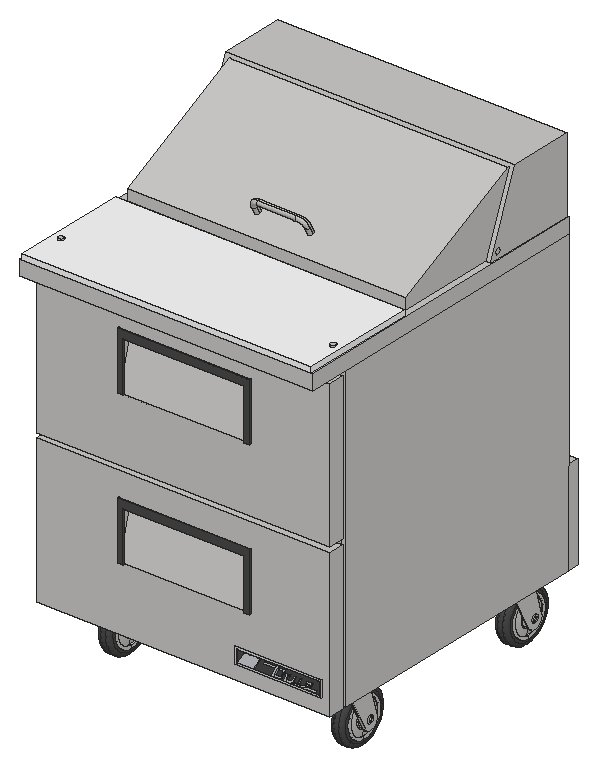
Revit family "QF_TRUE_TSSU-27-08D-2-HC", category Specialty Equipment, Revit 2016
Family settings
  Part Type = Normal
  Round Connector Dimension = Use Diameter
  Work Plane-Based = No
  Always vertical = Yes
  Cut with Voids When Loaded = No
  Shared = Yes
  Room Calculation Point = No
Parameters
  Weight in Pounds = 225
  Watts = FL Amps * Volts  # 402.5 W
  Volts = 115 V
  URL Cutsheet = "www.truemfg.com"
  URL = "www.truemfg.com"
  Type Mark [instance] = ""
  Status [instance] = ""
  Specification by User [instance] = ""
  Specification by Manufacturer = ""
  Show Logo [instance] = yes
  Show Standard Height Model [instance] = yes
  Show Clearance [instance] = yes
  Show Default Casters [instance] = not(Show Standard Height Model)  # no
  Serial Number = ""
  Seismic Rating = ""
  SMACNA No = ""
  Revision Code [instance] = ""
  Phase = 1
  Omniclass Number and Title = ""
  Number of Poles [instance] = 1
  NAFEM Spec ID Number = ""
  Model = "TSSU-27-08D-2-HC"
  Min Ckt Ampacity = 0 A
  Max Overcurrent Protection = 0 A
  MasterSpec. = ""
  Manufacturer = "TRUE"
  Standard Height Caster [instance] = and(Show Standard Height Model, not(Show Default Casters))  # yes
  Length = 27 9/16"
  Item Number [instance] = ""
  Installed By [instance] = ""
  Identify Quantity as Lot [instance] = yes
  Height = 42 15/16"
  HP = "1/5"
  Furnished By [instance] = ""
  Foodservice Equipment Identifier [instance] = yes
  FL Amps = 3.5 A
  Electrical Remarks = ""
  Electric Connection Type [instance] = ""
  Elec Conn RI Height [instance] = 0"
  Elec Conn Connection Height [instance] = 0"
  Description = "DRAWERED SANDWICH/SALAD UNIT WITH HYDROCARBON REFRIGERANT"
  Depth = 31 1/16"
  Cycle = 60 Hz
  Conn Plug = "NEMA 5-15P"
  Conn Conduit = yes
  CSI MasterFormat = ""
  CSI Master Format = ""
  Base Height [instance] = if(Standard Height Caster, 6 3/16", 3 15/16")  # 6 3/16"
  Apparent Power = if(Phase = 3, Volts * FL Amps * 1.73, Volts * FL Amps)  # 402.5 VA
Reference planes (in)
  plane 1 "BACK": y = -16.5
  plane 2: z = 0
  plane 3 "LEFT": x = 0
  plane 4 "RIGHT": x = 27.5625
  plane 5 "FRONT": y = -47.5625
  plane 6 "TOP": z = 42.9375
  plane 7: z = 6.1875
  plane 8: z = 46.6875
Lines and regions (in)
  symbolic lines, style "SpecialityEquipmentHiddenLines", visible <- "Show Default Casters"
    curve 1: line (1.05276, -22.68104, 0) -> (2.13882, -23.30808, 0)
    curve 2: line (3.55276, -18.35092, 0) -> (1.05276, -22.68104, 0)
    curve 3: line (4.63882, -18.97795, 0) -> (3.55276, -18.35092, 0)
    curve 4: line (2.13882, -23.30808, 0) -> (4.63882, -18.97795, 0)
    curve 5: line (22.92776, -22.68104, 0) -> (24.01382, -23.30808, 0)
    curve 6: line (25.42776, -18.35092, 0) -> (22.92776, -22.68104, 0)
    curve 7: line (26.51382, -18.97795, 0) -> (25.42776, -18.35092, 0)
    curve 8: line (24.01382, -23.30808, 0) -> (26.51382, -18.97795, 0)
    curve 9: line (1.05276, -42.04409, 0) -> (2.13882, -42.67113, 0)
    curve 10: line (3.55276, -37.71397, 0) -> (1.05276, -42.04409, 0)
    curve 11: line (4.63882, -38.34101, 0) -> (3.55276, -37.71397, 0)
    curve 12: line (2.13882, -42.67113, 0) -> (4.63882, -38.34101, 0)
    curve 13: line (22.92776, -42.04409, 0) -> (24.01382, -42.67113, 0)
    curve 14: line (25.42776, -37.71397, 0) -> (22.92776, -42.04409, 0)
    curve 15: line (26.51382, -38.34101, 0) -> (25.42776, -37.71397, 0)
    curve 16: line (24.01382, -42.67113, 0) -> (26.51382, -38.34101, 0)
Dimensions and locks (in)
  "Length": plane 3 "LEFT" to plane 4 "RIGHT"
  plane 4 "RIGHT" to plane 3 "LEFT" = 27 9/16"
  plane 5 "FRONT" to plane 1 "BACK" = 31 1/16"
  "Depth": plane 5 "FRONT" to plane 1 "BACK"
  "Base Height": plane 7 to level
  nested 1 to level = 35 15/16"
  nested 1 to nested 1 to plane 7 = 7", 29 3/4"
  nested 1 to plane 7 = 36 3/4"
  "Height": plane 6 "TOP" to level
  plane 8 to level = 46 11/16"
  plane 4 "RIGHT" to nested 1 to nested 1 = 7 5/16", 12 5/8"
  aligned and locked: level to plane 2
  aligned and locked: plane 3 "LEFT" to nested 1
  aligned and locked: plane 7 to nested 1
  aligned and locked: plane 5 "FRONT" to nested 1
Automatic sketch dimensions
  plane 3 "LEFT" to curve 1 = 1.05276"
  plane 3 "LEFT" to curve 10 = 1.05276"
  curve 1 to curve 1 = 1.08606"
  curve 9 to curve 9 = 1.08606"
  plane 3 "LEFT" to curve 3 = 3.55276"
  plane 3 "LEFT" to curve 10 = 3.55276"
  curve 13 to plane 4 "RIGHT" = 4.63474"
  curve 5 to plane 4 "RIGHT" = 4.63474"
  curve 13 to curve 13 = 1.08606"
  curve 5 to curve 8 = 1.08606"
  curve 7 to plane 4 "RIGHT" = 2.13474"
  curve 14 to plane 4 "RIGHT" = 2.13474"
  curve 16 to plane 5 "FRONT" = 4.89137"
  curve 12 to plane 5 "FRONT" = 4.89137"
  curve 13 to curve 13 = 0.62704"
  curve 9 to curve 10 = 0.62704"
  plane 1 "BACK" to curve 4 = 6.80808"
  plane 1 "BACK" to curve 8 = 6.80808"
  curve 5 to curve 6 = 0.62704"
  curve 1 to curve 1 = 0.62704"
Nested families (in)
  nested 1: "TSSU-27-08D-2-HC" at (0, 0, 0), Show Logo <- "Show Logo", Show Clearance <- "Show Clearance", Show Casters <- "Show Default Casters", type "TSSU-27-08D-2-HC"
    with Show Logo yes, Show Clearance yes, Show Casters no
  nested 2: "TRUE_CASTERS" at (2.88882, -20.75, 0), Show Casters <- "Standard Height Caster", type "TRUE_CASTERS"
    with Type Mark "", Status "", Specification by User "", Show Casters yes, Revision Code "", Item Number "", Installed By "", Identify Quantity as Lot yes, Furnished By "", Foodservice Equipment Identifier yes
  nested 3: "TRUE_CASTERS" at (24.76382, -20.75, 0), Show Casters <- "Standard Height Caster", type "TRUE_CASTERS"
    with Type Mark "", Status "", Specification by User "", Show Casters yes, Revision Code "", Item Number "", Installed By "", Identify Quantity as Lot yes, Furnished By "", Foodservice Equipment Identifier yes
  nested 4: "TRUE_CASTERS" at (2.88882, -40.08307, 0), Show Casters <- "Standard Height Caster", type "TRUE_CASTERS"
    with Type Mark "", Status "", Specification by User "", Show Casters yes, Revision Code "", Item Number "", Installed By "", Identify Quantity as Lot yes, Furnished By "", Foodservice Equipment Identifier yes
  nested 5: "TRUE_CASTERS" at (24.76382, -40.08307, 0), Show Casters <- "Standard Height Caster", type "TRUE_CASTERS"
    with Type Mark "", Status "", Specification by User "", Show Casters yes, Revision Code "", Item Number "", Installed By "", Identify Quantity as Lot yes, Furnished By "", Foodservice Equipment Identifier yes
Connectors (in)
  electrical at (24.12821, -16.5, 12), driven by "Volts", driven by "Apparent Power"
    settings: on nested 1, index 1, voltage 115 V, apparent load 402.5 VA, apparent load phase1 0 VA, apparent load phase2 0 VA, apparent load phase3 0 VA, power factor 1, load classification "Other", number of poles 1, system type 30, power factor state 1, is connector primary yes, connector utility no, sub classification motor no, connector description "ELECTRICAL CONNECTION"
Definition of nested family "TSSU-27-08D-2-HC"
  Parameters (values of type "TSSU-27-08D-2-ADA-HC")
    URL = ""
    Show Logo [instance] = yes
    Show Clearance [instance] = yes
    Show Casters [instance] = yes
    Model = ""
    Manufacturer = ""
    Description = ""
    Assembly Code = ""
  Reference planes (in)
    plane 1 "BACK": y = -16.5
    plane 2: z = 0
    plane 3 "LEFT": x = 0
    plane 4 "RIGHT": x = 27.5625
    plane 5 "FRONT": y = -47.5625
    plane 6 "TOP": z = 42.9375
    plane 7: z = 6.1875
    plane 8: z = 35.9375
    plane 9: z = 46.6875
    plane 10: y = -63.4375
  Forms (in)
    Extrusion 1, solid
      sketch origin (0.125, -1, 0) x (0, 1, 0) y (0, 0, 1)
        loop
          line (-16.5, 35.9375) -> (-16.5, 42.9375) -> (-22.625, 42.9375) -> (-25.47721, 35.9375) -> (-16.5, 35.9375)
      from 0.0625 to 27.25
    Extrusion 2, solid
      sketch origin (0, 0.75, 0.19246) x (0, 1, 0) y (0, 0, 1)
        loop
          line (-27.22721, 35.74504) -> (-24.49688, 42.44592) -> (-36.5625, 36.73418) -> (-36.5625, 35.74504) -> (-27.22721, 35.74504)
      from 0.6875 to 26.875
    Extrusion 3, solid
      sketch origin (0, -1, 0) x (0, 1, 0) y (0, 0, 1)
        loop
          line (-46.5625, 35.9375) -> (-46.5625, 34.5) -> (-16.5, 34.5) -> (-16.5, 35.9375) -> (-46.5625, 35.9375)
      from 0 to 27.5625
    Extrusion 4, solid
      sketch origin (0, -1, 0) x (0, 1, 0) y (0, 0, 1)
        loop
          line (-42.75, 34.5) -> (-42.75, 6.1875) -> (-16.5, 6.1875) -> (-16.5, 34.5) -> (-42.75, 34.5)
      from 0 to 27.5625
    Extrusion 5, solid
      sketch origin (0, -12.63, 0) x (1, 0, 0) y (0, 0, 1)
        loop
          line (27.5625, 6.1875) -> (27.5625, 19.98537) -> (0, 19.98537) -> (0, 6.1875) -> (27.5625, 6.1875)
        loop
          line (27.5625, 34.28323) -> (0, 34.28323) -> (0, 20.48537) -> (27.5625, 20.48537) -> (27.5625, 34.28323)
        loop
          line (7.75, 26.5625) -> (20.125, 26.5625) -> (20.125, 32.0625) -> (7.75, 32.0625) -> (7.75, 26.5625)
        loop
          line (7.75, 12.26463) -> (20.125, 12.26463) -> (20.125, 17.76463) -> (7.75, 17.76463) -> (7.75, 12.26463)
      from 31.44201 to 33
    Extrusion 6, solid
      sketch origin (0, 3.62, 0) x (0, 1, 0) y (0, 0, 1)
        loop
          line (-47.69201, 33.8406) -> (-47.69201, 6.82675) -> (-47.37, 6.82675) -> (-47.37, 33.8406) -> (-47.69201, 33.8406)
      from 0.5 to 27.0625
    Extrusion 7, solid
      sketch origin (0, 3.87, 0) x (0, 1, 0) y (0, 0, 1)
        loop
          line (-47.94201, 32.0625) -> (-49.5, 26.5625) -> (-47.94201, 26.5625) -> (-47.94201, 32.0625)
        loop
          line (-47.94201, 17.76463) -> (-49.5, 12.26463) -> (-47.94201, 12.26463) -> (-47.94201, 17.76463)
      from 7.75 to 20.125
    Extrusion 8, solid
      sketch origin (0, -45.63, 0) x (1, 0, 0) y (0, 0, 1)
        loop
          line (20.125, 32.0625) -> (7.75, 32.0625) -> (7.75, 26.5625) -> (8.25, 26.5625) -> (8.25, 31.3125) -> (19.625, 31.3125) -> (19.625, 26.5625) -> (20.125, 26.5625) -> (20.125, 32.0625)
        loop
          line (20.125, 17.76463) -> (7.75, 17.76463) -> (7.75, 12.26463) -> (8.25, 12.26463) -> (8.25, 17.01463) -> (19.625, 17.01463) -> (19.625, 12.26463) -> (20.125, 12.26463) -> (20.125, 17.76463)
      from 0 to 0.125
    Extrusion 9, solid
      sketch origin (0, 3.53125, -0.0625) x (0, 1, 0) y (0, 0, 1)
        loop
          line (-51.09375, 36.5) -> (-51.09375, 36) -> (-40.09375, 36) -> (-40.09375, 36.5) -> (-51.09375, 36.5)
      from 0.1875 to 27.375
    Sweep 10, solid
      path origin (-2.36051, -16.90311, 5.99517) x (1, 0, 0) y (0, -0.468684, 0.883366)
        loop
          line (18.42574, 36.0969) -> (18.42574, 36.8469)
          arc (18.42574, 36.8469) -> (18.29892, 37.15309) -> (17.99273, 37.27992) r 0.43301
          line (17.99273, 37.27992) -> (14.37051, 37.27992)
          arc (14.37051, 37.27992) -> (14.06433, 37.15309) -> (13.9375, 36.8469) r 0.43301
          line (13.9375, 36.8469) -> (13.9375, 36.0969)
      profile origin (11.57699, -33.99691, 38.21321) x (1, 0, 0) y (0, -0.883366, -0.468684)
        loop
          circle (-0.25, 0) r 0.25
    Extrusion 11, solid
      sketch origin (0, 3.53125, 36.4375) x (1, 0, 0) y (0, 1, 0)
        loop
          circle (1, -47.5255) r 0.25
        loop
          circle (26.5625, -47.5255) r 0.25
      from 0 to 0.0625
    Extrusion 12, solid
      sketch origin (0, -16.5, 0) x (1, 0, 0) y (0, 0, 1)
        loop
          line (7.625, 6.1875) -> (7.625, 3.875) -> (20.25, 3.875) -> (20.25, 6.1875) -> (7.625, 6.1875)
      from 1.69409 to 21.69409
    Extrusion 13, solid
      sketch origin (0.125, 0.03571, -0.38064) x (0, 1, 0) y (0, 0, 1)
        loop
          line (-25.50049, 37.00145) -> (-25.62469, 37.21657) -> (-25.87491, 37.21657) -> (-25.99919, 37.00131) -> (-25.87265, 36.78214) -> (-25.62711, 36.78214) -> (-25.50049, 37.00145)
      from 0 to 0.0625
    Extrusion 14, solid
      sketch origin (27.4375, 0.03571, -0.38064) x (0, 1, 0) y (0, 0, -1)
        loop
          line (-25.50049, -37.00145) -> (-25.62711, -36.78214) -> (-25.87265, -36.78214) -> (-25.99919, -37.00131) -> (-25.87491, -37.21657) -> (-25.62469, -37.21657) -> (-25.50049, -37.00145)
      from 0 to 0.0625
    Extrusion 15, solid
      sketch origin (-1.11296, -16.5, -9.83802) x (1, 0, 0) y (0, 0, 1)
        loop
          circle (22.96499, 40.7598) r 0.46875
      from 0 to 1
    Extrusion 16, solid
      sketch origin (28.67546, -16.5, -9.83802) x (-1, 0, 0) y (0, 0, -1)
        loop
          circle (22.96499, -40.7598) r 0.46875
      from 0 to 1
    Extrusion 17, solid
      sketch origin (27.5625, -16.5, 6.1875) x (0, 0, 1) y (1, 0, 0)
        loop
          circle (5.8125, -3.43429) r 0.25
      from 0 to 0.0625
    Extrusion 18, solid, visible <- "Show Casters"
      sketch origin (26.71875, -38.80219, 3.43891) x (0, 1, 0) y (0, 0, -1)
        loop
          line (-3.9827, -2.11074) -> (-0.54355, -2.11074) -> (-0.40562, -0.59493)
          arc (-0.40562, -0.59493) -> (-0.89059, 0.21892) -> (-1.83792, 0.20773) r 0.94903
          line (-1.83792, 0.20773) -> (-3.55154, -1.50589) -> (-3.9827, -1.50589) -> (-3.9827, -2.11074)
      from 1.175 to 1.325
    Revolve 19, solid, visible <- "Show Casters"
      sketch origin (26.71875, -41.06531, 2.93891) x (-1, 0, 0) y (0, 0, -1)
        loop
          line (2, -2.61074) -> (0.60918, -2.61074) -> (0.60918, -3.24859) -> (2, -3.24859) -> (2, -2.61074)
        axis (2, -2.61074) -> (2, -3.24859)
      angle from 0 to 360
    Extrusion 20, solid, visible <- "Show Casters"
      sketch origin (74.5, -38.80219, 3.43891) x (0, 1, 0) y (0, 0, -1)
        loop
          line (-3.9827, -2.11074) -> (-0.54355, -2.11074) -> (-0.53736, -1.88288) -> (-3.6077, -1.50589) -> (-3.9827, -1.50589) -> (-3.9827, -2.11074)
      from 49.10625 to 50.45625
    Revolve 21, solid, visible <- "Show Casters"
      sketch origin (26.71875, -40.15399, 4.5) x (-1, 0, 0) y (0, 0, -1)
        loop
          line (1.475, -0.75) -> (2.525, -0.75) -> (2.62908, -0.64592) -> (2.62908, -0.04941) -> (2.46399, -0.04941) -> (2.46399, 0.57559) -> (3.025, 0.57559) -> (3.025, 0.75) -> (0.975, 0.75) -> (0.975, 0.57559) -> (1.53601, 0.57559) -> (1.53601, -0.04941) -> (1.375, -0.04941) -> (1.375, -0.65) -> (1.475, -0.75)
        axis (3.025, 0.75) -> (0.975, 0.75)
      angle from 0 to 360
    Extrusion 22, solid, visible <- "Show Casters"
      sketch origin (22.71875, -38.80219, 3.43891) x (0, 1, 0) y (0, 0, 1)
        loop
          line (-3.9827, 1.50589) -> (-3.55154, 1.50589) -> (-1.83792, -0.20773)
          arc (-1.83792, -0.20773) -> (-0.89059, -0.21892) -> (-0.40562, 0.59493) r 0.94903
          line (-0.40562, 0.59493) -> (-0.54355, 2.11074) -> (-3.9827, 2.11074) -> (-3.9827, 1.50589)
      from 1.175 to 1.325
    Revolve 23, solid, visible <- "Show Casters"
      sketch origin (26.71875, -21.74082, 2.93891) x (-1, 0, 0) y (0, 0, -1)
        loop
          line (2, -2.61074) -> (0.60918, -2.61074) -> (0.60918, -3.24859) -> (2, -3.24859) -> (2, -2.61074)
        axis (2, -2.61074) -> (2, -3.24859)
      angle from 0 to 360
    Extrusion 24, solid, visible <- "Show Casters"
      sketch origin (74.5, -19.47769, 3.43891) x (0, 1, 0) y (0, 0, -1)
        loop
          line (-3.9827, -2.11074) -> (-0.54355, -2.11074) -> (-0.53736, -1.88288) -> (-3.6077, -1.50589) -> (-3.9827, -1.50589) -> (-3.9827, -2.11074)
      from 49.10625 to 50.45625
    Revolve 25, solid, visible <- "Show Casters"
      sketch origin (26.71875, -20.8295, 4.5) x (-1, 0, 0) y (0, 0, -1)
        loop
          line (1.475, -0.75) -> (2.525, -0.75) -> (2.62908, -0.64592) -> (2.62908, -0.04941) -> (2.46399, -0.04941) -> (2.46399, 0.57559) -> (3.025, 0.57559) -> (3.025, 0.75) -> (0.975, 0.75) -> (0.975, 0.57559) -> (1.53601, 0.57559) -> (1.53601, -0.04941) -> (1.375, -0.04941) -> (1.375, -0.65) -> (1.475, -0.75)
        axis (3.025, 0.75) -> (0.975, 0.75)
      angle from 0 to 360
    Extrusion 26, solid, visible <- "Show Casters"
      sketch origin (0.84375, -38.80219, 3.43891) x (0, 1, 0) y (0, 0, 1)
        loop
          line (-3.9827, 2.11074) -> (-3.9827, 1.50589) -> (-3.55154, 1.50589) -> (-1.83792, -0.20773)
          arc (-1.83792, -0.20773) -> (-0.89059, -0.21892) -> (-0.40562, 0.59493) r 0.94903
          line (-0.40562, 0.59493) -> (-0.54355, 2.11074) -> (-3.9827, 2.11074)
      from 1.175 to 1.325
    Revolve 27, solid, visible <- "Show Casters"
      sketch origin (0.84375, -41.06531, 2.93891) x (1, 0, 0) y (0, 0, 1)
        loop
          line (2, 2.61074) -> (2, 3.24859) -> (0.60918, 3.24859) -> (0.60918, 2.61074) -> (2, 2.61074)
        axis (2, 2.61074) -> (2, 3.24859)
      angle from 0 to 360
    Extrusion 28, solid, visible <- "Show Casters"
      sketch origin (-46.9375, -38.80219, 3.43891) x (0, 1, 0) y (0, 0, 1)
        loop
          line (-3.9827, 2.11074) -> (-3.9827, 1.50589) -> (-3.6077, 1.50589) -> (-0.53736, 1.88288) -> (-0.54355, 2.11074) -> (-3.9827, 2.11074)
      from 49.10625 to 50.45625
    Revolve 29, solid, visible <- "Show Casters"
      sketch origin (0.84375, -40.15399, 4.5) x (1, 0, 0) y (0, 0, 1)
        loop
          line (1.475, 0.75) -> (1.375, 0.65) -> (1.375, 0.04941) -> (1.53601, 0.04941) -> (1.53601, -0.57559) -> (0.975, -0.57559) -> (0.975, -0.75) -> (3.025, -0.75) -> (3.025, -0.57559) -> (2.46399, -0.57559) -> (2.46399, 0.04941) -> (2.62908, 0.04941) -> (2.62908, 0.64592) -> (2.525, 0.75) -> (1.475, 0.75)
        axis (3.025, -0.75) -> (0.975, -0.75)
      angle from 0 to 360
    Extrusion 30, solid, visible <- "Show Casters"
      sketch origin (4.84375, -38.80219, 3.43891) x (0, 1, 0) y (0, 0, -1)
        loop
          line (-3.9827, -1.50589) -> (-3.9827, -2.11074) -> (-0.54355, -2.11074) -> (-0.40562, -0.59493)
          arc (-0.40562, -0.59493) -> (-0.89059, 0.21892) -> (-1.83792, 0.20773) r 0.94903
          line (-1.83792, 0.20773) -> (-3.55154, -1.50589) -> (-3.9827, -1.50589)
      from 1.175 to 1.325
    Revolve 31, solid, visible <- "Show Casters"
      sketch origin (0.84375, -21.74082, 2.93891) x (1, 0, 0) y (0, 0, 1)
        loop
          line (2, 2.61074) -> (2, 3.24859) -> (0.60918, 3.24859) -> (0.60918, 2.61074) -> (2, 2.61074)
        axis (2, 2.61074) -> (2, 3.24859)
      angle from 0 to 360
    Extrusion 32, solid, visible <- "Show Casters"
      sketch origin (-46.9375, -19.47769, 3.43891) x (0, 1, 0) y (0, 0, 1)
        loop
          line (-3.9827, 2.11074) -> (-3.9827, 1.50589) -> (-3.6077, 1.50589) -> (-0.53736, 1.88288) -> (-0.54355, 2.11074) -> (-3.9827, 2.11074)
      from 49.10625 to 50.45625
    Revolve 33, solid, visible <- "Show Casters"
      sketch origin (0.84375, -20.8295, 4.5) x (1, 0, 0) y (0, 0, 1)
        loop
          line (1.475, 0.75) -> (1.375, 0.65) -> (1.375, 0.04941) -> (1.53601, 0.04941) -> (1.53601, -0.57559) -> (0.975, -0.57559) -> (0.975, -0.75) -> (3.025, -0.75) -> (3.025, -0.57559) -> (2.46399, -0.57559) -> (2.46399, 0.04941) -> (2.62908, 0.04941) -> (2.62908, 0.64592) -> (2.525, 0.75) -> (1.475, 0.75)
        axis (3.025, -0.75) -> (0.975, -0.75)
      angle from 0 to 360
    Extrusion 34, solid, visible <- "Show Casters"
      sketch origin (26.71875, -19.47769, 3.43891) x (0, 1, 0) y (0, 0, -1)
        loop
          line (-3.9827, -2.11074) -> (-0.54355, -2.11074) -> (-0.40562, -0.59493)
          arc (-0.40562, -0.59493) -> (-0.89059, 0.21892) -> (-1.83792, 0.20773) r 0.94903
          line (-1.83792, 0.20773) -> (-3.55154, -1.50589) -> (-3.9827, -1.50589) -> (-3.9827, -2.11074)
      from 1.175 to 1.325
    Extrusion 35, solid, visible <- "Show Casters"
      sketch origin (22.71875, -19.47769, 3.43891) x (0, 1, 0) y (0, 0, 1)
        loop
          line (-3.9827, 1.50589) -> (-3.55154, 1.50589) -> (-1.83792, -0.20773)
          arc (-1.83792, -0.20773) -> (-0.89059, -0.21892) -> (-0.40562, 0.59493) r 0.94903
          line (-0.40562, 0.59493) -> (-0.54355, 2.11074) -> (-3.9827, 2.11074) -> (-3.9827, 1.50589)
      from 1.175 to 1.325
    Extrusion 36, solid, visible <- "Show Casters"
      sketch origin (0.84375, -19.47769, 3.43891) x (0, 1, 0) y (0, 0, 1)
        loop
          line (-3.9827, 2.11074) -> (-3.9827, 1.50589) -> (-3.55154, 1.50589) -> (-1.83792, -0.20773)
          arc (-1.83792, -0.20773) -> (-0.89059, -0.21892) -> (-0.40562, 0.59493) r 0.94903
          line (-0.40562, 0.59493) -> (-0.54355, 2.11074) -> (-3.9827, 2.11074)
      from 1.175 to 1.325
    Extrusion 37, solid, visible <- "Show Casters"
      sketch origin (4.84375, -19.47769, 3.43891) x (0, 1, 0) y (0, 0, -1)
        loop
          line (-3.9827, -1.50589) -> (-3.9827, -2.11074) -> (-0.54355, -2.11074) -> (-0.40562, -0.59493)
          arc (-0.40562, -0.59493) -> (-0.89059, 0.21892) -> (-1.83792, 0.20773) r 0.94903
          line (-1.83792, 0.20773) -> (-3.55154, -1.50589) -> (-3.9827, -1.50589)
      from 1.175 to 1.325
    Extrusion 38, solid, visible <- "Show Clearance", detail levels coarse
      sketch origin (31.53125, 0.75, 0.19246) x (0, 1, 0) y (0, 0, 1)
        loop
          line (-24.49688, 42.44592) -> (-29.49713, 46.49504)
          arc (-29.49713, 46.49504) -> (-34.28587, 42.5238) -> (-36.5625, 36.73418) r 12.48007
          line (-36.5625, 36.73418) -> (-24.49688, 42.44592)
      from -4.65625 to -30.84375
    Extrusion 39, solid, visible <- "Show Clearance", detail levels coarse
      sketch origin (0, -45.63, 0) x (1, 0, 0) y (0, 0, 1)
        loop
          line (0, 34.28323) -> (0, 20.48537) -> (27.5625, 20.48537) -> (27.5625, 34.28323) -> (0, 34.28323)
        loop
          line (0, 19.98537) -> (0, 6.1875) -> (27.5625, 6.1875) -> (27.5625, 19.98537) -> (0, 19.98537)
      from 0 to 17.8075
    Extrusion 40, solid
      sketch origin (27.5625, 0, 0) x (0, 1, 0) y (0, 0, 1)
        loop
          line (-17.5, 6.1875) -> (-16.5, 6.1875) -> (-16.5, 15.1875) -> (-17.5, 15.1875) -> (-17.5, 6.1875)
      from 0 to -27.5625
  Lines and regions (in)
    symbolic lines
      curve 1: line (0, -17.5, 0) -> (27.5625, -17.5, 0)
      curve 2: line (0, -47.5625, 0) -> (0, -17.5, 0)
      curve 3: line (27.5625, -47.5625, 0) -> (0, -47.5625, 0)
      curve 4: line (27.5625, -17.5, 0) -> (27.5625, -47.5625, 0)
      curve 5: line (27.375, -36.5625, 0) -> (0.1875, -36.5625, 0)
      curve 6: line (0.1875, -36.5625, 0) -> (0.1875, -47.5625, 0)
      curve 7: line (27.375, -47.5625, 0) -> (27.375, -36.5625, 0)
      curve 8: circle (26.5625, -43.99425, 0) r 0.25 normal (0, 0, 1)
      curve 9: circle (1, -43.99425, 0) r 0.25 normal (0, 0, 1)
      curve 10: line (0.6875, -23.74688, 0) -> (26.875, -23.74688, 0)
      curve 11: line (0.6875, -35.8125, 0) -> (0.6875, -23.74688, 0)
      curve 12: line (26.875, -35.8125, 0) -> (0.6875, -35.8125, 0)
      curve 13: line (26.875, -23.74688, 0) -> (26.875, -35.8125, 0)
      curve 14: line (0.1875, -23.625, 0) -> (27.375, -23.625, 0)
      curve 15: line (0.1875, -17.5, 0) -> (0.1875, -28.22721, 0)
      curve 16: line (27.375, -28.22721, 0) -> (26.875, -28.22721, 0)
      curve 17: line (0.125, -27.21478, 0) -> (0.125, -27.71347, 0)
      curve 18: line (0.125, -27.71347, 0) -> (0.1875, -27.71347, 0)
      curve 19: line (0.125, -27.21478, 0) -> (0.1875, -27.21478, 0)
      curve 20: line (0.6875, -28.22721, 0) -> (0.1875, -28.22721, 0)
      curve 21: line (27.375, -28.22721, 0) -> (27.375, -17.5, 0)
      curve 22: line (6.17922, -16.5, 0) -> (5.24172, -16.5, 0)
      curve 23: line (6.17922, -16.5, 0) -> (6.17922, -17.5, 0)
      curve 24: line (5.24172, -16.5, 0) -> (5.24172, -17.5, 0)
      curve 25: line (21.38328, -16.5, 0) -> (22.32078, -16.5, 0)
      curve 26: line (21.38328, -16.5, 0) -> (21.38328, -17.5, 0)
      curve 27: line (22.32078, -16.5, 0) -> (22.32078, -17.5, 0)
      curve 28: line (27.4375, -27.21478, 0) -> (27.4375, -27.71347, 0)
      curve 29: line (27.4375, -27.71347, 0) -> (27.375, -27.71347, 0)
      curve 30: line (27.4375, -27.21478, 0) -> (27.375, -27.21478, 0)
      curve 31: spline (11.07699, -33.92667, 0) -> (11.08551, -33.86951, 0) -> (11.11048, -33.81625, 0) -> (11.15021, -33.77051, 0) -> (11.20199, -33.73542, 0) -> (11.26229, -33.71336, 0) -> (11.32699, -33.70583, 0) -> (11.3917, -33.71336, 0) -> (11.45199, -33.73542, 0) -> (11.50377, -33.77051, 0) -> (11.5435, -33.81625, 0) -> (11.56847, -33.86951, 0) -> (11.57699, -33.92667, 0)
      curve 32: line (11.57699, -33.92667, 0) -> (11.57699, -34.24357, 0)
      curve 33: line (11.07699, -33.92667, 0) -> (11.07699, -34.28794, 0)
      curve 34: arc (11.07699, -34.28794, 0) -> (11.1664, -34.53287, 0) -> (11.36357, -34.70349, 0) r 0.51936
      curve 35: arc (11.36357, -34.70349, 0) -> (11.64015, -34.80507, 0) -> (11.93204, -34.84523, 0) r 1.37153
      curve 36: line (11.93204, -34.84523, 0) -> (15.71329, -34.84523, 0)
      curve 37: arc (11.57699, -34.24357, 0) -> (11.76649, -34.3248, 0) -> (11.97122, -34.3492, 0) r 0.72246
      curve 38: line (11.97122, -34.3492, 0) -> (15.6741, -34.3492, 0)
      curve 39: spline (16.56833, -33.92667, 0) -> (16.55981, -33.86951, 0) -> (16.53484, -33.81625, 0) -> (16.49511, -33.77051, 0) -> (16.44333, -33.73542, 0) -> (16.38304, -33.71336, 0) -> (16.31833, -33.70583, 0) -> (16.25363, -33.71336, 0) -> (16.19333, -33.73542, 0) -> (16.14155, -33.77051, 0) -> (16.10183, -33.81625, 0) -> (16.07685, -33.86951, 0) -> (16.06833, -33.92667, 0)
      curve 40: line (16.06833, -33.92667, 0) -> (16.06833, -34.24357, 0)
      curve 41: line (16.56833, -33.92667, 0) -> (16.56833, -34.28794, 0)
      curve 42: arc (16.56833, -34.28794, 0) -> (16.47892, -34.53287, 0) -> (16.28176, -34.70349, 0) r 0.51936
      curve 43: arc (16.28176, -34.70349, 0) -> (16.00518, -34.80507, 0) -> (15.71329, -34.84523, 0) r 1.37153
      curve 44: arc (16.06833, -34.24357, 0) -> (15.87883, -34.3248, 0) -> (15.6741, -34.3492, 0) r 0.72246
    symbolic lines, detail levels coarse
      curve 45: line (4.57352, -60.8352, 0) -> (24.64072, -47.5625, 0)
      curve 46: arc (0.06783, -47.5625, 0) -> (1.46287, -54.49005, 0) -> (4.57352, -60.8352, 0) r 27.5625
  Dimensions and locks (in)
    plane 3 "LEFT" to plane 4 "RIGHT" = 27 9/16"
    plane 4 "RIGHT" to plane 3 "LEFT" = 27 9/16"
    plane 6 "TOP" to level = 42 15/16"
    plane 5 "FRONT" to plane 1 "BACK" = 31 1/16"  (x2)
    plane 7 to level = 6 3/16"
    plane 6 "TOP" to plane 7 = 36 3/4"
    Extrusion 9 to plane 7 = 29 3/4"
    plane 6 "TOP" to Extrusion 9 = 7"
    Extrusion 1 to plane 1 "BACK" = 1"
    plane 5 "FRONT" to Extrusion 1 = 30 1/16"
    Extrusion 2 to Extrusion 1 = 18 5/16"
    locked: plane 9 to plane 8 at 10.75
    plane 4 "RIGHT" to Extrusion 12 to Extrusion 12 = 7 5/16", 12 5/8"
    plane 10 to plane 1 "BACK" = 46 15/16"
    aligned and locked: level to plane 2
    aligned and locked: plane 4 "RIGHT" to Extrusion 3
    aligned: Extrusion 7 to Extrusion 5  (x2)
    aligned and locked: Extrusion 12 to Extrusion 5
    aligned and locked: Extrusion 18 to Extrusion 22 sketch curve
    aligned and locked: Extrusion 22 sketch curve to Extrusion 18  (x2)
    aligned and locked: Extrusion 20 sketch curve to Extrusion 18
    aligned and locked: Extrusion 26 to Extrusion 30 sketch curve
    aligned and locked: Extrusion 30 sketch curve to Extrusion 26  (x2)
    aligned and locked: Extrusion 28 sketch curve to Extrusion 26
    aligned and locked: Extrusion 34 to Extrusion 35 sketch curve
    aligned and locked: Extrusion 35 sketch curve to Extrusion 34  (x2)
    aligned and locked: Extrusion 36 to Extrusion 37 sketch curve
    aligned and locked: Extrusion 37 sketch curve to Extrusion 36  (x2)
  Nested families (in)
    nested 1: "QF_LOGO_TRUE" at (18.7125, -45.63, 7.57675), visible <- "Show Logo", type "QF_LOGO_TRUE", detail levels medium+fine
      with Show Logo yes
  Definition of nested family "QF_LOGO_TRUE"
    Parameters (values of type "QF_LOGO_TRUE")
      Show Logo [instance] = yes
    Reference planes (in)
      plane 1 "Center (Front/Back)": y = 0
      plane 2: z = 0
      plane 3 "Center (Left/Right)": x = 0
    Forms (in)
      Extrusion 1, solid, visible <- "Show Logo"
        sketch origin (-78.34647, 34.76905, -30.51001) x (1, 0, 0) y (0, 0, 1)
          loop
            line (81.15226, 31.65456) -> (81.07353, 31.48573) -> (82.12083, 31.48573)
            arc (82.12083, 31.48573) -> (82.14208, 31.44814) -> (82.12083, 31.41055) r 0.04386
            line (82.12083, 31.41055) -> (81.84767, 30.82478)
            arc (81.84767, 30.82478) -> (81.84531, 30.77052) -> (81.882, 30.73048) r 0.07096
            line (81.882, 30.73048) -> (82.55165, 30.73048)
            arc (82.55165, 30.73048) -> (82.63621, 30.75714) -> (82.69019, 30.82748) r 0.14742
            line (82.69019, 30.82748) -> (82.90515, 31.28847) -> (83.10265, 31.28847)
            arc (83.10265, 31.28847) -> (83.15447, 31.26942) -> (83.14697, 31.21472) r 0.04405
            line (83.14697, 31.21472) -> (82.9671, 30.82899)
            arc (82.9671, 30.82899) -> (82.9699, 30.76493) -> (83.02398, 30.73048) r 0.06943
            line (83.02398, 30.73048) -> (83.6124, 30.73048)
            arc (83.6124, 30.73048) -> (83.65748, 30.74689) -> (83.68147, 30.78844) r 0.07014
            arc (83.68147, 30.78844) -> (83.69845, 30.74745) -> (83.73943, 30.73048) r 0.05796
            line (83.73943, 30.73048) -> (84.112, 30.73048)
            arc (84.112, 30.73048) -> (84.15504, 30.74201) -> (84.18655, 30.77352) r 0.08608
            arc (84.18655, 30.77352) -> (84.20164, 30.7371) -> (84.23806, 30.72202) r 0.0515
            line (84.23806, 30.72202) -> (84.76757, 30.72202)
            arc (84.76757, 30.72202) -> (84.81086, 30.73995) -> (84.8288, 30.78324) r 0.06122
            arc (84.8288, 30.78324) -> (84.86848, 30.74355) -> (84.92269, 30.72903) r 0.10842
            line (84.92269, 30.72903) -> (85.91461, 30.72903) -> (86.02479, 30.91987) -> (85.0243, 30.91987)
            arc (85.0243, 30.91987) -> (84.99669, 30.93902) -> (84.99566, 30.97261) r 0.03732
            line (84.99566, 30.97261) -> (85.01297, 31.00972)
            arc (85.01297, 31.00972) -> (85.03954, 31.04453) -> (85.0813, 31.05774) r 0.07263
            line (85.0813, 31.05774) -> (85.40289, 31.05774)
            arc (85.40289, 31.05774) -> (85.4723, 31.07633) -> (85.52311, 31.12715) r 0.13882
            line (85.52311, 31.12715) -> (85.61625, 31.28847)
            arc (85.61625, 31.28847) -> (85.61625, 31.37458) -> (85.54168, 31.41763) r 0.08611
            line (85.54168, 31.41763) -> (85.20227, 31.41763)
            arc (85.20227, 31.41763) -> (85.11574, 31.40294) -> (85.05538, 31.33923) r 0.13863
            line (85.05538, 31.33923) -> (84.89409, 30.99333)
            arc (84.89409, 30.99333) -> (84.84649, 30.9313) -> (84.77191, 30.90778) r 0.13002
            line (84.77191, 30.90778) -> (84.41984, 30.90778)
            arc (84.41984, 30.90778) -> (84.3777, 30.95378) -> (84.38042, 31.0161) r 0.08151
            line (84.38042, 31.0161) -> (84.56766, 31.41763) -> (84.44849, 31.41763) -> (84.25012, 30.99222)
            arc (84.25012, 30.99222) -> (84.21158, 30.94199) -> (84.15119, 30.92296) r 0.10527
            line (84.15119, 30.92296) -> (83.90842, 30.92296)
            arc (83.90842, 30.92296) -> (83.8674, 30.97642) -> (83.87619, 31.04323) r 0.08805
            line (83.87619, 31.04323) -> (84.05078, 31.41763) -> (83.92772, 31.41763) -> (83.72676, 30.98668)
            arc (83.72676, 30.98668) -> (83.68011, 30.94003) -> (83.61639, 30.92296) r 0.12745
            line (83.61639, 30.92296) -> (83.26484, 30.92296)
            arc (83.26484, 30.92296) -> (83.2017, 30.9524) -> (83.19563, 31.0218) r 0.06967
            line (83.19563, 31.0218) -> (83.31118, 31.26961) -> (83.47452, 31.26961)
            arc (83.47452, 31.26961) -> (83.50209, 31.35268) -> (83.56075, 31.41763) r 0.21289
            line (83.56075, 31.41763) -> (82.92244, 31.41763)
            arc (82.92244, 31.41763) -> (82.85151, 31.40191) -> (82.80242, 31.34834) r 0.12081
            line (82.80242, 31.34834) -> (82.6294, 30.9773)
            arc (82.6294, 30.9773) -> (82.58962, 30.93752) -> (82.53528, 30.92296) r 0.10869
            line (82.53528, 30.92296) -> (82.1542, 30.92296)
            arc (82.1542, 30.92296) -> (82.12446, 30.96315) -> (82.13012, 31.01283) r 0.06822
            line (82.13012, 31.01283) -> (82.38156, 31.48573) -> (83.01596, 31.48573) -> (83.09469, 31.65456) -> (82.46029, 31.65456) -> (82.53902, 31.8234) -> (82.31334, 31.8234) -> (82.23461, 31.65456) -> (81.15226, 31.65456)
          loop
            arc (85.15937, 31.26434) -> (85.13191, 31.25698) -> (85.1118, 31.23688) r 0.05494
            line (85.1118, 31.23688) -> (85.09547, 31.18665)
            arc (85.09547, 31.18665) -> (85.10304, 31.16837) -> (85.12133, 31.16079) r 0.02586
            line (85.12133, 31.16079) -> (85.39889, 31.16079)
            arc (85.39889, 31.16079) -> (85.41888, 31.16523) -> (85.43513, 31.1777) r 0.04731
            line (85.43513, 31.1777) -> (85.44863, 31.2402)
            arc (85.44863, 31.2402) -> (85.44466, 31.25693) -> (85.42914, 31.26434) r 0.01994
            line (85.42914, 31.26434) -> (85.15937, 31.26434)
          loop
            line (78.62961, 30.74125) -> (80.12032, 30.74125) -> (80.73891, 31.81268) -> (79.2482, 31.81268) -> (78.62961, 30.74125)
        from 34.76797 to 34.83173
      Extrusion 2, solid, visible <- "Show Logo"
        sketch origin (-142.84857, 34.75108, -33.3546) x (1, 0, 0) y (0, 0, 1)
          loop
            line (150.81107, 34.71978) -> (142.98607, 34.71978) -> (142.98607, 33.4921) -> (150.81107, 33.4921) -> (150.81107, 34.71978)
        from 34.75108 to 34.78125
      Extrusion 3, solid, visible <- "Show Logo"
        sketch origin (-142.84857, 34.75108, -33.3546) x (1, 0, 0) y (0, 0, 1)
          loop
            line (150.94857, 34.85727) -> (142.84857, 34.85727) -> (142.84857, 33.3546) -> (150.94857, 33.3546) -> (150.94857, 34.85727)
          loop
            line (142.98607, 34.71978) -> (142.98607, 33.4921) -> (150.81107, 33.4921) -> (150.81107, 34.71978) -> (142.98607, 34.71978)
        from 34.75108 to 34.81376
      Extrusion 4, solid, not visible
        sketch origin (121.45701, -16.5, 4.98235) x (1, 0, 0) y (0, 0, 1)
          loop
            line (25.20115, 35.89949) -> (25.20115, 33.96647) -> (30.95381, 33.96647) -> (30.95381, 35.89949) -> (25.20115, 35.89949)
        from 31.5 to 31.54261
      Extrusion 5, solid, not visible
        sketch origin (121.45701, -16.5, 4.98235) x (1, 0, 0) y (0, 0, 1)
          loop
            line (26.7387, 34.95472) -> (26.61492, 34.49276) -> (27.038, 34.49276)
            arc (27.038, 34.49276) -> (27.13117, 34.52484) -> (27.18485, 34.60749) r 0.15134
            arc (27.18485, 34.60749) -> (27.20396, 34.68138) -> (27.22435, 34.75493) r 4.37326
            arc (27.22435, 34.75493) -> (27.23458, 34.81765) -> (27.22435, 34.88037) r 0.1974
            arc (27.22435, 34.88037) -> (27.18247, 34.93579) -> (27.11563, 34.95472) r 0.10914
            line (27.11563, 34.95472) -> (26.7387, 34.95472)
          loop
            line (26.90201, 34.80638) -> (26.84645, 34.59903) -> (26.92855, 34.59903)
            arc (26.92855, 34.59903) -> (26.98205, 34.6185) -> (27.01051, 34.6678) r 0.08322
            line (27.01051, 34.6678) -> (27.02399, 34.74424)
            arc (27.02399, 34.74424) -> (27.01491, 34.78454) -> (26.97985, 34.80638) r 0.05353
            line (26.97985, 34.80638) -> (26.90201, 34.80638)
          loop
            line (27.45336, 34.66131) -> (27.76233, 34.66131) -> (27.78859, 34.73909)
            arc (27.78859, 34.73909) -> (27.7878, 34.82039) -> (27.73107, 34.87864) r 0.10925
            arc (27.73107, 34.87864) -> (27.68233, 34.8944) -> (27.63139, 34.89974) r 0.24595
            line (27.63139, 34.89974) -> (27.46708, 34.89974)
            arc (27.46708, 34.89974) -> (27.4068, 34.88073) -> (27.3535, 34.84677) r 0.2421
            arc (27.3535, 34.84677) -> (27.2897, 34.76363) -> (27.26702, 34.66131) r 0.2421
            line (27.26702, 34.66131) -> (27.26702, 34.54477)
            arc (27.26702, 34.54477) -> (27.31618, 34.4956) -> (27.38334, 34.47761) r 0.13431
            line (27.38334, 34.47761) -> (27.59054, 34.47761)
            arc (27.59054, 34.47761) -> (27.63459, 34.48281) -> (27.67622, 34.49812) r 0.18924
            line (27.67622, 34.49812) -> (27.73102, 34.61563)
            arc (27.73102, 34.61563) -> (27.68453, 34.59565) -> (27.63566, 34.58252) r 0.35376
            arc (27.63566, 34.58252) -> (27.55885, 34.56956) -> (27.48204, 34.58252) r 0.23415
            arc (27.48204, 34.58252) -> (27.44492, 34.61362) -> (27.45336, 34.66131) r 0.04838
          loop
            line (27.4842, 34.73042) -> (27.62012, 34.73042) -> (27.62621, 34.76496)
            arc (27.62621, 34.76496) -> (27.58961, 34.80242) -> (27.53739, 34.80638) r 0.0742
            arc (27.53739, 34.80638) -> (27.49747, 34.77773) -> (27.4842, 34.73042) r 0.0742
          loop
            line (27.91616, 34.97572) -> (27.78675, 34.49276) -> (27.98645, 34.49276) -> (28.11586, 34.97572) -> (27.91616, 34.97572)
          loop
            line (28.13678, 34.66131) -> (28.08755, 34.47761) -> (28.27134, 34.47761) -> (28.32056, 34.66131) -> (28.43674, 34.66131) -> (28.47974, 34.78864) -> (28.36519, 34.78864)
            arc (28.36519, 34.78864) -> (28.35733, 34.81649) -> (28.36921, 34.84288) r 0.04231
            arc (28.36921, 34.84288) -> (28.431, 34.8652) -> (28.49617, 34.85686) r 0.13988
            line (28.49617, 34.85686) -> (28.53544, 34.97317)
            arc (28.53544, 34.97317) -> (28.39725, 34.99096) -> (28.25905, 34.97317) r 0.54546
            arc (28.25905, 34.97317) -> (28.20849, 34.91994) -> (28.18197, 34.85147) r 0.1894
            line (28.18197, 34.85147) -> (28.17089, 34.78864) -> (28.11397, 34.78864) -> (28.07985, 34.66131) -> (28.13678, 34.66131)
          loop
            arc (28.74846, 34.89756) -> (28.65884, 34.88533) -> (28.56922, 34.89756) r 0.33455
            line (28.56922, 34.89756) -> (28.45669, 34.47761) -> (28.63593, 34.47761) -> (28.74846, 34.89756)
          loop
            arc (28.60398, 35.01195) -> (28.57699, 34.97173) -> (28.60398, 34.9315) r 0.04347
            line (28.60398, 34.9315) -> (28.75755, 34.9315)
            arc (28.75755, 34.9315) -> (28.78645, 34.96687) -> (28.77911, 35.01195) r 0.0556
            line (28.77911, 35.01195) -> (28.60398, 35.01195)
          loop
            line (28.95336, 34.66131) -> (29.26233, 34.66131) -> (29.28859, 34.73909)
            arc (29.28859, 34.73909) -> (29.2878, 34.82039) -> (29.23107, 34.87864) r 0.10925
            arc (29.23107, 34.87864) -> (29.18233, 34.8944) -> (29.13139, 34.89974) r 0.24595
            line (29.13139, 34.89974) -> (28.96708, 34.89974)
            arc (28.96708, 34.89974) -> (28.9068, 34.88073) -> (28.8535, 34.84677) r 0.2421
            arc (28.8535, 34.84677) -> (28.7897, 34.76363) -> (28.76702, 34.66131) r 0.2421
            line (28.76702, 34.66131) -> (28.76702, 34.54477)
            arc (28.76702, 34.54477) -> (28.81618, 34.4956) -> (28.88334, 34.47761) r 0.13431
            line (28.88334, 34.47761) -> (29.09054, 34.47761)
            arc (29.09054, 34.47761) -> (29.13459, 34.48281) -> (29.17622, 34.49812) r 0.18924
            line (29.17622, 34.49812) -> (29.23102, 34.61563)
            arc (29.23102, 34.61563) -> (29.18453, 34.59565) -> (29.13566, 34.58252) r 0.35376
            arc (29.13566, 34.58252) -> (29.05885, 34.56956) -> (28.98204, 34.58252) r 0.23415
            arc (28.98204, 34.58252) -> (28.94492, 34.61362) -> (28.95336, 34.66131) r 0.04838
          loop
            line (28.9842, 34.73042) -> (29.12012, 34.73042) -> (29.12621, 34.76496)
            arc (29.12621, 34.76496) -> (29.08961, 34.80242) -> (29.03739, 34.80638) r 0.0742
            arc (29.03739, 34.80638) -> (28.99747, 34.77773) -> (28.9842, 34.73042) r 0.0742
          loop
            line (29.41616, 34.97572) -> (29.28675, 34.49276) -> (29.48645, 34.49276) -> (29.61586, 34.97572) -> (29.41616, 34.97572)
          loop
            line (29.99836, 34.97572) -> (29.95192, 34.80242)
            arc (29.95192, 34.80242) -> (29.94473, 34.85705) -> (29.90102, 34.89059) r 0.07199
            arc (29.90102, 34.89059) -> (29.80023, 34.89941) -> (29.70251, 34.87322) r 0.29131
            arc (29.70251, 34.87322) -> (29.61806, 34.7652) -> (29.5896, 34.63108) r 0.30433
            line (29.5896, 34.63108) -> (29.5896, 34.55572)
            arc (29.5896, 34.55572) -> (29.61075, 34.50463) -> (29.66184, 34.48348) r 0.07224
            line (29.66184, 34.48348) -> (29.78537, 34.48348)
            arc (29.78537, 34.48348) -> (29.83854, 34.51313) -> (29.88504, 34.55243) r 0.31609
            line (29.88504, 34.55243) -> (29.86905, 34.49276) -> (30.05973, 34.49276) -> (30.18914, 34.97572) -> (29.99836, 34.97572)
          loop
            arc (29.84537, 34.75931) -> (29.79424, 34.71128) -> (29.77745, 34.64317) r 0.12371
            arc (29.77745, 34.64317) -> (29.80071, 34.59901) -> (29.85056, 34.59647) r 0.05045
            arc (29.85056, 34.59647) -> (29.90141, 34.64047) -> (29.92536, 34.7033) r 0.13769
            arc (29.92536, 34.7033) -> (29.90211, 34.75521) -> (29.84537, 34.75931) r 0.05543
          loop
            line (26.45047, 35.26762) -> (26.58211, 35.26762)
            arc (26.58211, 35.26762) -> (26.60467, 35.30821) -> (26.62126, 35.35157) r 0.3277
            arc (26.62126, 35.35157) -> (26.62714, 35.39992) -> (26.60877, 35.44503) r 0.09693
            arc (26.60877, 35.44503) -> (26.56454, 35.48868) -> (26.50462, 35.50516) r 0.12312
            arc (26.50462, 35.50516) -> (26.44158, 35.50565) -> (26.37854, 35.50546) r 5.76967
            arc (26.37854, 35.50546) -> (26.07462, 35.42923) -> (25.81045, 35.26076) r 0.97743
            line (25.81045, 35.26076) -> (25.85921, 35.26076)
            arc (25.85921, 35.26076) -> (26.08494, 35.39361) -> (26.3396, 35.45485) r 0.88817
            arc (26.3396, 35.45485) -> (26.41429, 35.44188) -> (26.47267, 35.39352) r 0.14748
            arc (26.47267, 35.39352) -> (26.48041, 35.32725) -> (26.45047, 35.26762) r 0.11636
          loop
            arc (26.35412, 35.17841) -> (26.19578, 35.0555) -> (26.00982, 34.98069) r 0.72453
            arc (26.00982, 34.98069) -> (25.9036, 34.95581) -> (25.79459, 34.9604) r 0.40201
            arc (25.79459, 34.9604) -> (25.7275, 34.98819) -> (25.69972, 35.05528) r 0.09488
            arc (25.69972, 35.05528) -> (25.71867, 35.12629) -> (25.77049, 35.17841) r 0.1425
            line (25.77049, 35.17841) -> (25.73665, 35.18748)
            arc (25.73665, 35.18748) -> (25.67632, 35.09876) -> (25.66924, 34.99171) r 0.20432
            arc (25.66924, 34.99171) -> (25.71443, 34.9227) -> (25.79473, 34.90384) r 0.11116
            arc (25.79473, 34.90384) -> (25.91172, 34.89904) -> (26.02716, 34.91862) r 0.56145
            arc (26.02716, 34.91862) -> (26.27675, 35.021) -> (26.49584, 35.17841) r 1.15683
            line (26.49584, 35.17841) -> (26.35412, 35.17841)
        from 31.54261 to 31.56272
    Dimensions and locks (in)
      aligned and locked: level to plane 2
      aligned and locked: Extrusion 2 to Extrusion 3  (x2)
      aligned and locked: Extrusion 2 sketch curve to Extrusion 3
Definition of nested family "TRUE_CASTERS"
  Parameters
    Weight = ""
    URL Manufacturer = ""
    URL Cutsheet = ""
    URL = ""
    Type Mark [instance] = ""
    Status [instance] = ""
    Specification by User [instance] = ""
    Specification by Manufacturer = ""
    Show Casters [instance] = yes
    Serial Number = ""
    Seismic Rating = ""
    SMACNA No = ""
    Revision Code [instance] = ""
    Omniclass Number and Title = ""
    NAFEM Spec ID Number = ""
    Model = ""
    MasterSpec. = ""
    Manufacturer = ""
    Item Number [instance] = ""
    Installed By [instance] = ""
    Identify Quantity as Lot [instance] = yes
    Furnished By [instance] = ""
    Foodservice Equipment Identifier [instance] = yes
    Description = ""
    CSI MasterFormat = ""
    CSI Master Format = ""
  Reference planes (in)
    plane 1 "BACK": y = 0
    plane 2: z = 0
    plane 3 "LEFT": x = 0
    plane 4 "RIGHT": x = 0
    plane 5 "FRONT": y = 0
    plane 6 "TOP": z = 6.25
  Forms (in)
    Revolve 1, solid, visible <- "Show Casters"
      sketch origin (-2.21793, 0, -0.25) x (-1, 0, 0) y (0, 0, 1)
        loop
          line (-2.21793, 6.5) -> (-2.21793, 5.81181) -> (-0.93693, 5.81181) -> (-0.93693, 6.5) -> (-2.21793, 6.5)
        axis (-2.21793, 5.81181) -> (-2.21793, 6.5)
      angle from 0 to 360
    Extrusion 2, solid, visible <- "Show Casters"
      sketch origin (0.25594, 2.21793, -0.1875) x (0, 1, 0) y (0, 0, 1)
        loop
          line (-3.37793, 5.74931) -> (-3.37793, 5.49931) -> (-1.63015, 2.08504)
          arc (-1.63015, 2.08504) -> (-0.63555, 1.74359) -> (-0.1951, 2.69848) r 0.78437
          line (-0.1951, 2.69848) -> (-1.06726, 5.74931) -> (-3.37793, 5.74931)
      from 0.78968 to 0.90247
    Extrusion 3, solid, visible <- "Show Casters"
      sketch origin (-0.25594, 2.21793, -0.1875) x (0, 1, 0) y (0, 0, -1)
        loop
          line (-3.37793, -5.74931) -> (-1.06726, -5.74931) -> (-0.1951, -2.69848)
          arc (-0.1951, -2.69848) -> (-0.63555, -1.74359) -> (-1.63015, -2.08504) r 0.78437
          line (-1.63015, -2.08504) -> (-3.37793, -5.49931) -> (-3.37793, -5.74931)
      from 0.78968 to 0.90247
    Extrusion 4, solid, visible <- "Show Casters"
      sketch origin (0, 0, 1.00596) x (0, 1, 0) y (0, 0, 1)
        loop
          line (-1.16, 4.55584) -> (-1.16, 4.30584) -> (1.15067, 4.30584) -> (1.15067, 4.55584) -> (-1.16, 4.55584)
      from -1.04562 to 1.04562
    Revolve 5, solid, visible <- "Show Casters"
      sketch origin (-0.70735, 1.1875, -0.12802) x (1, 0, 0) y (0, 0, 1)
        loop
          line (-0.64585, 2.62802) -> (-0.64585, 2.49002) -> (-0.59585, 2.44002) -> (-0.53585, 2.44002) -> (-0.53585, 2.30432) -> (-0.05765, 2.30432) -> (-0.05765, 1.78493) -> (0.08292, 1.70377) -> (0.19633, 1.00302) -> (0.0511, 1.00302) -> (0.0511, 0.75302) -> (0.08235, 0.75302) -> (0.08235, 0.50302)
          arc (0.08235, 0.50302) -> (0.19219, 0.23785) -> (0.45735, 0.12802) r 0.375
          line (0.45735, 0.12802) -> (0.95735, 0.12802)
          arc (0.95735, 0.12802) -> (1.22252, 0.23785) -> (1.33235, 0.50302) r 0.375
          line (1.33235, 0.50302) -> (1.33235, 0.75302) -> (1.3636, 0.75302) -> (1.3636, 1.00302) -> (1.21838, 1.00302) -> (1.33235, 1.70728) -> (1.47235, 1.78811) -> (1.47235, 2.30432) -> (1.95055, 2.30432) -> (1.95055, 2.44002) -> (2.01055, 2.44002) -> (2.06055, 2.49002) -> (2.06055, 2.62802) -> (-0.64585, 2.62802)
        axis (-0.64585, 2.62802) -> (2.06055, 2.62802)
      angle from 0 to 360
  Cuts and joins
    joined: Extrusion 2, Extrusion 3, Extrusion 4
  Lines and regions (in)
    symbolic lines, visible <- "Show Casters"
      curve 1: line (0, -0.69291, 0) -> (0, 0.69291, 0)
      curve 2: line (0.45873, 2.04243, 0) -> (1.54127, 1.41743, 0)
      curve 3: line (-1.54127, -1.42167, 0) -> (0.45873, 2.04243, 0)
      curve 4: line (-0.45873, -2.04667, 0) -> (-1.54127, -1.42167, 0)
      curve 5: line (1.54127, 1.41743, 0) -> (-0.45873, -2.04667, 0)
  Dimensions and locks (in)
    plane 6 "TOP" to level = 6 1/4"  (x2)
    aligned and locked: level to plane 2
